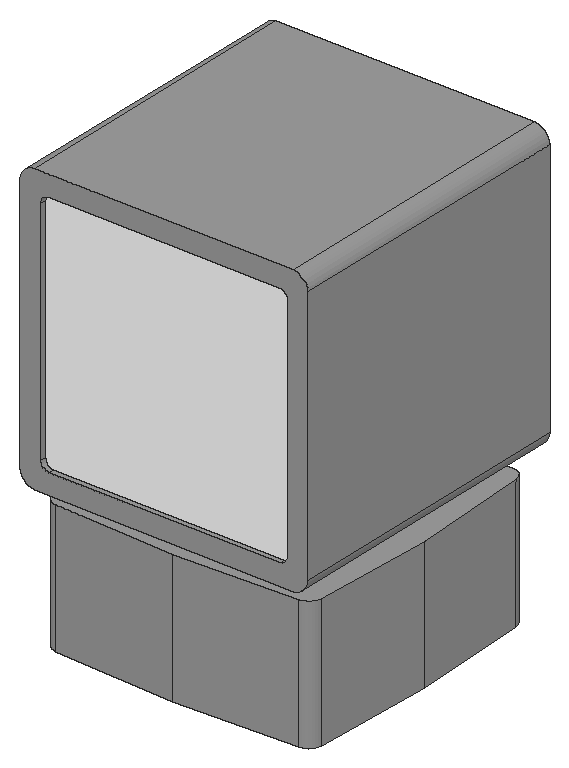
Revit family "3080025 Feilo Sylvania Lighting Fixtures INVERTO DIRECT NW EB BLACK", category Lighting Fixtures, host Face, Revit 2017
Family settings
  Host = Face
  Round Connector Dimension = Use Diameter
  Part Type = Normal
  Cut with Voids When Loaded = No
  Light Source = Yes
  Shared = No
  Room Calculation Point = No
Parameters (values of type "3080025 INVERTO DIRECT NW EB BLACK")
  Weight = "1.461 kg"
  Wattage Comments = "n/a"
  Wattage = 16 W
  WarrantyStartDate [instance] = "n/a"
  WarrantyGuarantorParts = "n/a"
  WarrantyDurationUnit = "n/a"
  WarrantyDurationParts = "n/a"
  WarrantyDescription = "n/a"
  built-in parameter 1150110 = 1 (stored number, unit not read)
  Voltage = 230 V
  URL = "http://www.sylvania-lighting.com"
  TypeName = "INVERTO DIRECT NW EB BLACK"
  Type Image = <None>
  Type Comments = "n/a"
  built-in parameter 1114217 = 1 (stored number, unit not read)
  Tilt Angle = -90.00°
  built-in parameter 1150109 = 1 (stored number, unit not read)
  built-in parameter 1150134 = 12
  built-in parameter 1150113 = 1 (stored number, unit not read)
  SerialNumber [instance] = "n/a"
  PowerFactor = 0
  PowerConsumption = "16 W"
  Photometric Web File = "3080025.ies"
  NominalLength = 162 mm
  NominalHeight = 110 mm
  NominalDepth = 110 mm
  Name = "INVERTO DIRECT NW EB BLACK"
  ModelReference = "INVERTO DIRECT NW EB BLACK"
  ModelNumber = "3080025"
  Model = "INVERTO DIRECT NW EB BLACK"
  Material = "aluminium housing, glass diffuser"
  ManufacturerName = "Feilo Sylvania"
  Manufacturer = "Feilo Sylvania"
  LuminousEfficacy = "102 lm/W"
  built-in parameter 1150105 = 129.87 (stored number, unit not read)
  Lumens = 1632 lm
  LuminaireType = ""
  built-in parameter 1150115 = 1 (stored number, unit not read)
  LightOutputRatio = "100"
  built-in parameter 1150137 = (empty or 0)
  built-in parameter 1150139 = (empty or 0)
  LampsType = Lamp  # "LED"
  LampNominalLuminous = "1617 / 2045 lm"
  LampMacAdamStep = "n/a"
  LampColourTemperature = "4000 K"
  LampColourRenderingIndex = "80"
  built-in parameter 1150112 = 1 (stored number, unit not read)
  built-in parameter 1150114 = 1 (stored number, unit not read)
  Lamp = "LED"
  Keynote = "16500"
  InstallationDate [instance] = "n/a"
  InputVoltage = "220-240V~"
  InputNominalFrequency = "50/60 Hz"
  built-in parameter 1150132 = 2
  built-in parameter 1150102 = (empty or 0)
  built-in parameter 1150107 = 4000 (stored number, unit not read)
  built-in parameter 1150138 = (empty or 0)
  IngressProtection = "IP65"
  ImpactProtectionIndex = "IK07"
  built-in parameter 1150106 = 1.2987 (stored number, unit not read)
  IfcExportType = "IfcLightFixtureType"
  IfcExportAs = "IfcLightFixtureType"
  Housing material = Default
  ExpectedLife = 50000
  Emit from Rectangle Width = 90 mm
  Emit from Rectangle Length = 90 mm
  Emit Shape Visible in Rendering = no
  ElectricShockClassification = "Class I"
  built-in parameter 1150104 = 9.4761 (stored number, unit not read)
  DurationUnit = "hours"
  DocumentationLiterature = "http://www.sylvania-lighting.com/product/en-int/products/3080025"
  DimmingControlOptions = "Non dimmable"
  Dimming Lamp Color Temperature Shift = <None>
  Description = "Surface Wall mounted luminaire, wire to base with pluggable connection for easy installation,  suitable for looping, switchable driver, black coloured aluminium housing, 1,617lm or 2,045lm, 16W or 19W, 102lm/W or 107lm/W, 4000K, 350mA or 450mA , CRI:80,  40° beam Angle, non-dimmable, IP65, IK02, 50,000hrs (L70),  23.00x19.4x11.5mm."
  Default Elevation = 1219.2 mm
  CreatedOn = "17/11/2017"
  CreatedBy = ""
  Cost = 0
  Color Filter = 16777215
  built-in parameter 1114216 [instance] = (empty or 0)
  Calculate Coefficient of Utilization = no
  BarCode [instance] = "n/a"
  built-in parameter 1114218 = 1 (stored number, unit not read)
  built-in parameter 1150133 = 10 (stored number, unit not read)
  AssetType = "Fixed"
  AssetIdentifier [instance] = "n/a"
  Assembly Code = "D5020200"
  Apparent Load = 16 VA
Reference planes
  plane 1 "Center (Front/Back)": y = 0
  plane 2: z = 0
  plane 3 "Center (Left/Right)": x = 0
  plane 4: x = 51
  plane 5: x = -51
  plane 6: y = -51
  plane 7: y = 51
  plane 8: x = -55
  plane 9: x = 55
  plane 10: y = 55
  plane 11: y = -55
  plane 12: z = 48
  plane 13: z = 162
  plane 14: z = 52
  plane 15: y = -40
  plane 16: y = 40
  plane 17: x = -40
  plane 18: x = 40
  plane 19: z = 62
  plane 20: z = 152
  plane 21: x = -45
  plane 22: x = 45
  plane 23: y = 48.5
  plane 24: x = -48.5
  plane 25: x = 48.5
  plane 26: y = -48.5
  plane 27: z = 107
  plane 28: z = 159
  plane 29: x = -52
  plane 30: z = 55
  plane 31: x = 52
Forms (mm)
  Extrusion 1, solid, material "Default", detail levels medium+fine
    sketch origin (0, 0, 0) x (0, 1, 0) y (0, 0, 1)
      loop
        line (-51, 48) -> (-51, 0) -> (51, 0) -> (51, 48) -> (-51, 48)
    from -51 to 51
  Extrusion 2, solid, material "Default", detail levels medium+fine
    sketch origin (0, 0, 0) x (0, 1, 0) y (0, 0, 1)
      loop
        line (-40, 48) -> (40, 48) -> (40, 55) -> (-40, 55) -> (-40, 48)
    from -40 to 40
  Extrusion 3, void, detail levels medium+fine
    sketch origin (0, 0, 0) x (1, 0, 0) y (0, 1, 0)
      loop
        arc (-44.399, 48.906) -> (-22.224, 50.476) -> (0, 51) r 471.7
        line (0, 51) -> (-51, 51) -> (-51, 0)
        arc (-51, 0) -> (-50.476, 22.224) -> (-48.906, 44.399) r 471.7
        arc (-48.906, 44.399) -> (-47.464, 47.464) -> (-44.399, 48.906) r 5
    from 0 to 48
  Extrusion 4, void, detail levels medium+fine
    sketch origin (0, 0, 0) x (-1, 0, 0) y (0, -1, 0)
      loop
        arc (-44.399, -48.906) -> (-47.464, -47.464) -> (-48.906, -44.399) r 5
        arc (-48.906, -44.399) -> (-50.476, -22.224) -> (-51, 0) r 471.7
        line (-51, 0) -> (-51, -51) -> (0, -51)
        arc (0, -51) -> (-22.224, -50.476) -> (-44.399, -48.906) r 471.7
    from 0 to 48
  Extrusion 5, void, detail levels medium+fine
    sketch origin (0, 0, 0) x (1, 0, 0) y (0, 1, 0)
      loop
        arc (-44.399, -48.906) -> (-47.464, -47.464) -> (-48.906, -44.399) r 5
        arc (-48.906, -44.399) -> (-50.476, -22.224) -> (-51, 0) r 471.7
        line (-51, 0) -> (-51, -51) -> (0, -51)
        arc (0, -51) -> (-22.224, -50.476) -> (-44.399, -48.906) r 471.7
    from 0 to 48
  Extrusion 6, void, detail levels medium+fine
    sketch origin (0, 0, 0) x (-1, 0, 0) y (0, -1, 0)
      loop
        arc (-44.399, 48.906) -> (-22.224, 50.476) -> (0, 51) r 471.7
        line (0, 51) -> (-51, 51) -> (-51, 0)
        arc (-51, 0) -> (-50.476, 22.224) -> (-48.906, 44.399) r 471.7
        arc (-48.906, 44.399) -> (-47.464, 47.464) -> (-44.399, 48.906) r 5
    from 0 to 48
  Extrusion 7, solid, material "Default", detail levels medium+fine
    sketch origin (0, 0, 0) x (1, 0, 0) y (0, 0, 1)
      loop
        arc (-47.19, 159.531) -> (-50.806, 157.806) -> (-52.531, 154.19) r 6
        arc (-52.531, 154.19) -> (-55, 107) -> (-52.531, 59.81) r 452.167
        arc (-52.531, 59.81) -> (-50.806, 56.194) -> (-47.19, 54.469) r 6
        arc (-47.19, 54.469) -> (0, 52) -> (47.19, 54.469) r 452.167
        arc (47.19, 54.469) -> (50.806, 56.194) -> (52.531, 59.81) r 6
        arc (52.531, 59.81) -> (55, 107) -> (52.531, 154.19) r 452.167
        arc (52.531, 154.19) -> (50.806, 157.806) -> (47.19, 159.531) r 6
        arc (47.19, 159.531) -> (0, 162) -> (-47.19, 159.531) r 452.167
    from -55 to 55
  Extrusion 8, solid, material "Default" <- "Housing material", detail levels coarse
    sketch origin (0, 0, 0) x (1, 0, 0) y (0, 0, 1)
      loop
        line (-55, 162) -> (-55, 52) -> (55, 52) -> (55, 162) -> (-55, 162)
    from -55 to 55
  Extrusion 9, void
    sketch origin (1524, -55, 1219.2) x (-1, 0, 0) y (0, 0, 1)
      loop
        line (1566, -1067.2) -> (1482, -1067.2)
        arc (1482, -1067.2) -> (1479.879, -1068.079) -> (1479, -1070.2) r 3
        line (1479, -1070.2) -> (1479, -1154.2)
        arc (1479, -1154.2) -> (1479.879, -1156.321) -> (1482, -1157.2) r 3
        line (1482, -1157.2) -> (1566, -1157.2)
        arc (1566, -1157.2) -> (1568.121, -1156.321) -> (1569, -1154.2) r 3
        line (1569, -1154.2) -> (1569, -1070.2)
        arc (1569, -1070.2) -> (1568.121, -1068.079) -> (1566, -1067.2) r 3
    from 0 to 4
  Extrusion 10, solid, material "Diffuser-Sylvania-Glow"
    sketch origin (1524, -51, 1219.2) x (1, 0, 0) y (0, 0, 1)
      loop
        line (-1566, -1157.2) -> (-1482, -1157.2)
        arc (-1482, -1157.2) -> (-1479.879, -1156.321) -> (-1479, -1154.2) r 3
        line (-1479, -1154.2) -> (-1479, -1070.2)
        arc (-1479, -1070.2) -> (-1479.879, -1068.079) -> (-1482, -1067.2) r 3
        line (-1482, -1067.2) -> (-1566, -1067.2)
        arc (-1566, -1067.2) -> (-1568.121, -1068.079) -> (-1569, -1070.2) r 3
        line (-1569, -1070.2) -> (-1569, -1154.2)
        arc (-1569, -1154.2) -> (-1568.121, -1156.321) -> (-1566, -1157.2) r 3
    from 0 to 2
  Extrusion 11, solid, material "Default", detail levels coarse
    sketch origin (0, 0, 0) x (1, 0, 0) y (0, 1, 0)
      loop
        line (-51, 51) -> (-51, -51) -> (51, -51) -> (51, 51) -> (-51, 51)
    from 0 to 48
Cuts and joins
  Extrusion 3, Extrusion 4, Extrusion 5, Extrusion 6 cuts Extrusion 1
  Extrusion 9 cuts Extrusion 2
  Extrusion 9 cuts Extrusion 7
  joined: Extrusion 2, Extrusion 7
  Extrusion 9 cuts Extrusion 8
Dimensions and locks
  equal spacing: plane 5, plane 3 "Center (Left/Right)", plane 4
  locked: plane 5 to plane 4 at 102
  equal spacing: plane 6, plane 1 "Center (Front/Back)", plane 7
  locked: plane 6 to plane 7 at 102
  equal spacing: plane 11, plane 1 "Center (Front/Back)", plane 10
  locked: plane 11 to plane 10 at 110
  equal spacing: plane 8, plane 3 "Center (Left/Right)", plane 9
  locked: plane 8 to plane 9 at 110
  locked: plane 12 to plane 2 at 48
  locked: plane 12 to plane 14 at 4
  locked: plane 13 to plane 2 at 162
  equal spacing: plane 15, plane 1 "Center (Front/Back)", plane 16
  locked: plane 15 to plane 16 at 80
  equal spacing: plane 17, plane 3 "Center (Left/Right)", plane 18
  locked: plane 17 to plane 18 at 80
  locked: plane 19 to plane 14 at 10
  locked: plane 13 to plane 20 at 10
  locked: plane 21 to plane 8 at 10
  locked: plane 9 to plane 22 at 10
  plane 19 to plane 14 = 10 mm
  locked: plane 27 to plane 2 at 107
  locked: plane 29 to plane 8 at 3
  locked: plane 13 to plane 28 at 3
  locked: plane 9 to plane 31 at 3
  locked: plane 30 to plane 14 at 3
  aligned and locked: plane 2 to host face
  aligned and locked: level to host face
  aligned and locked: plane 12 to Extrusion 1 sketch curve
  aligned and locked: Extrusion 1 sketch curve to plane 6
  aligned and locked: level to Extrusion 1 sketch curve
  aligned and locked: plane 7 to Extrusion 1 sketch curve
  aligned and locked: plane 4 to Extrusion 1
  aligned and locked: Extrusion 1 to plane 5
  aligned and locked: plane 12 to Extrusion 2 sketch curve
  aligned and locked: plane 15 to Extrusion 2 sketch curve
  aligned and locked: Extrusion 2 sketch curve to plane 16
  aligned and locked: Extrusion 3 sketch curve to Extrusion 1
  aligned and locked: Extrusion 3 to level
  aligned and locked: Extrusion 3 to plane 12
  aligned and locked: Extrusion 7 to plane 10
  aligned and locked: plane 11 to Extrusion 7
  aligned and locked: Extrusion 2 to plane 30
  aligned and locked: plane 13 to Extrusion 8 sketch curve
  aligned and locked: Extrusion 8 sketch curve to plane 14
  aligned and locked: Extrusion 8 sketch curve to plane 9
  aligned and locked: plane 11 to Extrusion 8
  aligned and locked: Extrusion 8 to plane 10
  aligned and locked: Extrusion 9 sketch curve to plane 20
  aligned and locked: plane 19 to Extrusion 9 sketch curve
  aligned and locked: plane 11 to Extrusion 9
  aligned and locked: Extrusion 9 to plane 6
  aligned and locked: Extrusion 10 to plane 6
  aligned and locked: plane 22 to Extrusion 9 sketch curve
  aligned and locked: Extrusion 9 sketch curve to plane 21
  aligned and locked: plane 21 to Extrusion 10 sketch curve
  aligned and locked: Extrusion 10 sketch curve to plane 22
  aligned and locked: plane 7 to Extrusion 11 sketch curve
  aligned and locked: plane 5 to Extrusion 11 sketch curve
  aligned and locked: Extrusion 11 sketch curve to plane 6
  aligned and locked: Extrusion 11 sketch curve to plane 4
  aligned and locked: Extrusion 11 to level
  aligned and locked: Extrusion 11 to plane 12
  aligned and locked: imposter light to Extrusion 10
  aligned and locked: imposter light to plane 27
Automatic sketch dimensions
  host sketch curve to host sketch curve = 2438.4 mm  (x2)
  Extrusion 3 sketch curve to plane 3 "Center (Left/Right)" = 0 mm
  plane 1 "Center (Front/Back)" to Extrusion 3 sketch curve = 0 mm
  plane 7 to Extrusion 3 sketch curve = 0 mm
  plane 21 to Extrusion 3 sketch curve = 1.072 mm
  plane 9 to Extrusion 3 sketch curve = 365.7 mm
  plane 11 to Extrusion 3 sketch curve = 365.7 mm
  Extrusion 3 sketch curve to plane 16 = 3.928 mm
  Extrusion 3 sketch curve to Extrusion 3 sketch curve = 0 mm
  plane 1 "Center (Front/Back)" to Extrusion 4 sketch curve = 0 mm
  Extrusion 4 sketch curve to plane 4 = 0 mm
  Extrusion 4 sketch curve to plane 3 "Center (Left/Right)" = 0 mm
  plane 7 to Extrusion 4 sketch curve = 0 mm
  plane 22 to Extrusion 4 sketch curve = 1.072 mm
  plane 8 to Extrusion 4 sketch curve = 365.7 mm
  Extrusion 4 sketch curve to plane 11 = 365.7 mm
  plane 16 to Extrusion 4 sketch curve = 3.928 mm
  Extrusion 4 sketch curve to Extrusion 4 sketch curve = 0 mm
  plane 1 "Center (Front/Back)" to Extrusion 5 sketch curve = 0 mm
  Extrusion 5 sketch curve to plane 5 = 0 mm
  Extrusion 5 sketch curve to plane 3 "Center (Left/Right)" = 0 mm
  plane 6 to Extrusion 5 sketch curve = 0 mm
  Extrusion 5 sketch curve to plane 21 = 1.072 mm
  Extrusion 5 sketch curve to plane 9 = 365.7 mm
  plane 10 to Extrusion 5 sketch curve = 365.7 mm
  Extrusion 5 sketch curve to plane 15 = 3.928 mm
  Extrusion 5 sketch curve to Extrusion 5 sketch curve = 0 mm
  plane 1 "Center (Front/Back)" to Extrusion 6 sketch curve = 0 mm
  Extrusion 6 sketch curve to plane 4 = 0 mm
  Extrusion 6 sketch curve to plane 3 "Center (Left/Right)" = 0 mm
  plane 6 to Extrusion 6 sketch curve = 0 mm
  Extrusion 6 sketch curve to plane 22 = 1.072 mm
  Extrusion 6 sketch curve to plane 8 = 365.7 mm
  Extrusion 6 sketch curve to plane 10 = 365.7 mm
  plane 15 to Extrusion 6 sketch curve = 3.928 mm
  Extrusion 6 sketch curve to Extrusion 6 sketch curve = 0 mm
  Extrusion 7 sketch curve to plane 27 = 0 mm  (x2)
  Extrusion 7 sketch curve to plane 3 "Center (Left/Right)" = 0 mm  (x2)
  Extrusion 7 sketch curve to plane 8 = 342.167 mm
  Extrusion 7 sketch curve to plane 21 = 1.564 mm
  Extrusion 7 sketch curve to plane 17 = 6.564 mm
  plane 18 to Extrusion 7 sketch curve = 6.564 mm  (x2)
  plane 9 to Extrusion 7 sketch curve = 342.167 mm
  plane 19 to Extrusion 7 sketch curve = 1.564 mm  (x2)
  Extrusion 7 sketch curve to level = 290.167 mm
  Extrusion 7 sketch curve to plane 20 = 1.564 mm  (x2)
  Extrusion 7 sketch curve to plane 13 = 342.167 mm
  Extrusion 7 sketch curve to Extrusion 7 sketch curve = 0 mm  (x7)
  Extrusion 7 sketch curve to plane 29 = 0.531 mm
  Extrusion 2 sketch curve to plane 14 = 3 mm
  Extrusion 8 sketch curve to plane 8 = 0 mm
  plane 18 to Extrusion 9 sketch curve = 2 mm  (x2)
  Extrusion 9 sketch curve to plane 17 = 2 mm  (x2)
  Extrusion 10 sketch curve to plane 19 = 0 mm
  Extrusion 10 sketch curve to plane 20 = 0 mm
  Extrusion 10 sketch curve to plane 17 = 2 mm  (x2)
  plane 18 to Extrusion 10 sketch curve = 2 mm  (x2)
Connectors
  electrical at (0, 0, 0), driven by "Apparent Load"
    settings: index 1, voltage 230 V, apparent load 16 VA, apparent load phase1 0 VA, apparent load phase2 0 VA, apparent load phase3 0 VA, power factor 0, load classification "Lighting", number of poles 1, system type 30, power factor state 1, is connector primary yes, connector utility no, sub classification motor no, connector description ""
